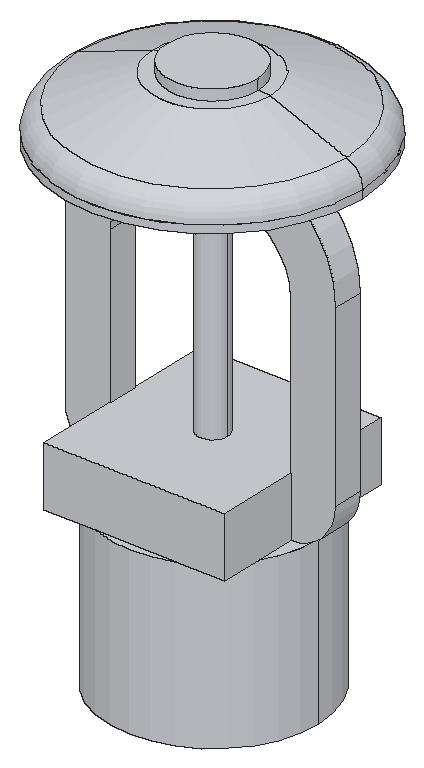
Revit family
Parameters (values of type "RASCO F1FR56-300 UPRIGHT")
  URL = ""
  Temperature Rating = 135 °F
  Response = 1
  RASCO SIN # = "RA2625"
  RASCO Part # = "F1FR56U0C3"
  Pressure Rating = "300 PSI"
  Pressure Class = 1
  Orifice Size = 1/2"
  Orifice = (empty or 0)
  Model = "F1FR56-300"
  Manufacturer = "RASCO"
  K-Factor = 5.6
  Description = "Chrome Finish"
  Coverage = (empty or 0)
Reference planes (in)
  plane 1 "Center (Front/Back)": y = 0
  plane 2: z = 0
  plane 3 "Center (Left/Right)": x = 0
Nested families (in)
  nested 1: "F1FR56U0C3" at (-0.01954, 0.08739, 0), type "RASCO F1FR56-300 UPRIGHT"
Connectors (in)
  piping at (-0.01954, 0.08739, 0)
    settings: on nested 1, index 1, connector radius 77/128", flow factor 0, pipe flow 0 GPM, pressure drop 0.00 psi, fitting loss kfactor 0, connector angle 0.00°, fixture units 0, flow configuration 0, flow direction 0, fitting loss method 0, system type 7, connector reference index -1, connector utility 0, adjustable connector no, is connector primary yes, fitting loss table "", connector description ""
Definition of nested family "F1FR56U0C3"
  Parameters (values of type "RASCO F1FR56-300 UPRIGHT")
    Type Comments = ""
    Temperature Rating = 0 °F
    Response = (empty or 0)
    Pressure Rating = "0"
    Pressure Class = (empty or 0)
    Orifice Size = 0"
    Orifice = (empty or 0)
    Model = ""
    Manufacturer = ""
    K-Factor = 0
    Description = ""
    Coverage = (empty or 0)
    Assembly Code = ""
  Reference planes (in)
    plane 1 "Center (Front/Back)": y = 0
    plane 2: z = 0
    plane 3 "ref.2": z = 0.6875
    plane 4 "ref.3": z = 0.9375
    plane 5: x = -0.38065
    plane 6: x = 0.36935
    plane 7 "ref. side 1": y = 0.06402
    plane 8 "ref. side 2": y = -0.06098
    plane 9 "ref.4": z = 1.875
    plane 10 "ref.5": z = 2.3125
    plane 11 "ref.6": z = 2.4375
  Forms (in)
    Extrusion 1, solid
      sketch origin (0, 0, 0) x (1, 0, 0) y (0, 1, 0)
        loop
          circle (0, 0) r 0.4375
      from 0 to 0.6875
    Extrusion 2, solid
      sketch origin (-0.12185, 0.05177, 0.6875) x (1, 0, 0) y (0, 1, 0)
        loop
          line (-0.2588, 0.356) -> (-0.2588, -0.4565) -> (0.4912, -0.4565) -> (0.4912, 0.356) -> (-0.2588, 0.356)
      from 0 to 0.25
    Extrusion 3, solid
      sketch origin (0, 0, 0) x (1, 0, 0) y (0, 0, 1)
        loop
          line (-0.38065, 0.68754) -> (-0.38065, 1.58397)
          arc (-0.38065, 1.58397) -> (-0.29541, 1.78976) -> (-0.08962, 1.875) r 0.29103
          line (-0.08962, 1.875) -> (0.07524, 1.875)
          arc (0.07524, 1.875) -> (0.28321, 1.78886) -> (0.36935, 1.58089) r 0.29411
          line (0.36935, 1.58089) -> (0.36935, 0.68751)
          arc (0.36935, 0.68751) -> (0.50207, 0.74393) -> (0.55685, 0.87734) r 0.18984
          line (0.55685, 0.87734) -> (0.55685, 1.61676)
          arc (0.55685, 1.61676) -> (0.42629, 1.93194) -> (0.11111, 2.0625) r 0.44574
          line (0.11111, 2.0625) -> (-0.12259, 2.0625)
          arc (-0.12259, 2.0625) -> (-0.43765, 1.932) -> (-0.56815, 1.61694) r 0.44556
          line (-0.56815, 1.61694) -> (-0.56815, 0.87876)
          arc (-0.56815, 0.87876) -> (-0.51345, 0.74486) -> (-0.38065, 0.68754) r 0.19126
      from -0.06402 to 0.06098
    Extrusion 4, solid
      sketch origin (0, 0, 0.9375) x (-1, 0, 0) y (0, -1, 0)
        loop
          circle (0.00574, -0.00152) r 0.0625
      from 0 to 0.9375
    Extrusion 5, solid
      sketch origin (0, 0, 1.875) x (-1, 0, 0) y (0, -1, 0)
        loop
          circle (0.00574, -0.00152) r 0.1875
      from 0 to 0.4375
    Revolve 6, solid
      sketch origin (0, 0, -0.31276) x (1, 0, 0) y (0, 0, 1)
        loop
          line (-0.19324, 2.33367) -> (-0.19324, 2.58367) -> (-0.24995, 2.58367) -> (-0.56395, 2.46314)
          arc (-0.56395, 2.46314) -> (-0.61243, 2.42492) -> (-0.63074, 2.36595) r 0.1041
          line (-0.63074, 2.36595) -> (-0.63074, 2.33367) -> (-0.19324, 2.33367)
        axis (-0.00574, 2.33367) -> (-0.00574, 2.58367)
      angle from 0 to 360
  Cuts and joins
    joined: Extrusion 1, Extrusion 2, Extrusion 4, Revolve 6
  Lines and regions (in)
    model lines
      curve 1: line (-0.00574, 0.06402, 1.875) -> (-0.00574, -0.06098, 1.875)
